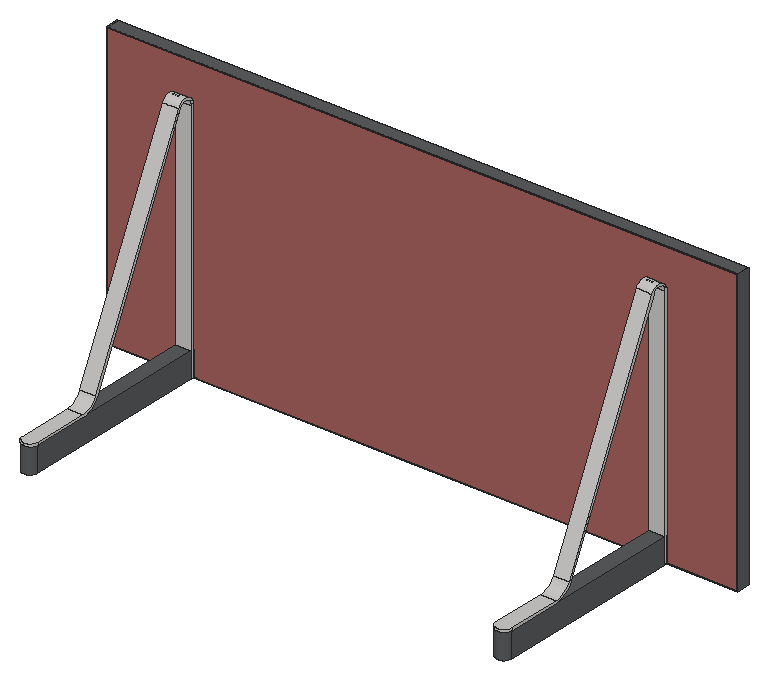
Revit family "Artek_Shelving_Kaari Wall Shelf_Kaari REB006", category Furniture, host Face, Revit 2017
Family settings
  Host = Face
  OmniClass Number = 23.40.20.27
  OmniClass Title = Storage Shelving
  Cut with Voids When Loaded = No
  Shared = No
  Room Calculation Point = No
Parameters (values of type "Kaari Wall Console REB006 - Red shelf, black edge")
  WarrantyStartDate [instance] = "n/a"
  WarrantyGuarantorParts = "n/a"
  WarrantyGuarantorLabor = "n/a"
  WarrantyDurationUnit = "Years"
  WarrantyDurationParts = "n/a"
  WarrantyDurationLabor = "n/a"
  WarrantyDescription = "n/a"
  VersionDate = "11/3/2020"  # constant formula
  Version = "1"  # constant formula
  Uniclass2015Reference = "Pr_40_30_78_77"
  Uniclass2015Description = "Shelf units"
  Uniclass2 = "Pr_40_30_78_77"
  URL = "https://www.artek.fi/en/products/kaari-wall-console"
  Type Comments = ""
  TagNumber [instance] = "n/a"
  SustainabilityPerformance = "n/a"
  Style = "n/a"
  Size = "1000x350x450 mm"
  ShelfMaterial = Linoleum red
  ShelfEdgeMaterial = Linoleum black
  Shape = "Sculptured"
  SerialNumber [instance] = "n/a"
  Revision = "n/a"
  ReplacementCost = "n/a"
  ProductInformation = "n/a"
  Product data url = ""
  NominalWidth = 450 mm
  NominalHeight = 1000 mm
  NominalDepth = 340.703 mm
  Name = "Kaari REB006"
  NBSReference = "45-35-80/310"
  NBSDescription = "Shelf units"
  ModelReference = "n/a"
  ModelNumber = "28503102"
  Model = "Kaari Wall Console REB006 - Red shelf, black edge"
  Material = "Wood/Steel"
  ManufacturerURL = "https://www.artek.fi/"
  ManufacturerName = "Artek"
  Manufacturer = "Artek"
  MainColor = "Black/red/blue"
  WallBracketMaterial [instance] = Black oak
  InstallationDate [instance] = "n/a"
  IfcExportType = "SHELF"  # constant formula
  IfcExportAs = "IfcFurnitureType"  # constant formula
  Grade = "n/a"
  Finish = "n/a"
  Features = "n/a"
  ExpectedLife = "n/a"
  DurationUnit = "Years"
  Designer = "Ronan & Erwan Bouroullec"
  Description = ""
  Default Elevation = 0 mm
  ConvergoRefNr = "0190-2009-0039-FI"  # constant formula
  Constituents = "n/a"
  Color = "Black/red/blue"
  Collection = "Kaari Collection"
  CodePerformance = "n/a"
  Category = "Shelving"
  Brand = "Artek"
  Barcode [instance] = "n/a"
  BIMObjectName = "Artek_Shelving_Kaari Wall Console _Kaari REB006"  # constant formula
  Author = "Convergo AB"  # constant formula
  AssetType = "Movable"
  AssetIdentifier [instance] = "n/a"
  Assembly Code = ""
  AccessibilityPerformance = "n/a"
Types (4, lengths in mm): name | ShelfMaterial | ShelfEdgeMaterial
  (no name) | Linoleum red | Linoleum black
  Kaari Wall Console REB006 - Red shelf, black edge | Linoleum red | Linoleum black
  Kaari Wall Console REB006 - Blue shelf, red edge | Linoleum blue | Linoleum red
  Kaari Wall Console REB006 - Black shelf, black edge | Linoleum black | Linoleum black
Reference planes
  plane 1 "Center (Front/Back)": y = 0
  plane 2: z = 0
  plane 3 "Center (Left/Right)": x = 0
  plane 4: y = 170.351
  plane 5: y = -170.352
  plane 6: x = -500
  plane 7: x = 500
  plane 8: z = 450
Dimensions and locks
  equal spacing: plane 5, plane 1 "Center (Front/Back)", plane 4
  "NominalDepth": plane 5 to plane 4
  equal spacing: plane 6, plane 3 "Center (Left/Right)", plane 7
  "NominalHeight": plane 6 to plane 7
  "NominalWidth": plane 8 to level
  aligned and locked: plane 2 to host face
  aligned and locked: level to host face
Automatic sketch dimensions
  host sketch curve to host sketch curve = 2438.4 mm  (x2)
Nested families
  nested 1: "kaari_shelf_reb006" at (0, -170.352, 0) x (-1, 0, 0) z (0, 1, 0), Legs <- "WallBracketMaterial", Shelf <- "ShelfMaterial", ShelfFrame <- "ShelfEdgeMaterial", type "kaari_shelf_reb006"
    with ShelfFrame Linoleum black, Shelf Linoleum red, LegsFrame Flat rolled steel, Legs Black oak
Definition of nested family "kaari_shelf_reb006"
  Parameters (values of type "kaari_shelf_reb006")
    ShelfFrame [instance] = none
    Shelf [instance] = none
    LegsFrame [instance] = none
    Legs [instance] = none
    Default Elevation = 1219.2 mm
  Reference planes
    plane 1 "Center (Front/Back)": y = 0
    plane 2: z = 0
    plane 3 "Center (Left/Right)": x = 0
  Forms (mm)
    Extrusion 1, solid, material <- "LegsFrame", detail levels medium+fine
      sketch origin (0, 0, 0) x (0, 1, 0) y (0, 0, 1)
        loop
          line (-43, 101.224) -> (-43, 0) -> (-40, 0) -> (-40, 99.5)
          arc (-40, 99.5) -> (-45.136, 117.411) -> (-58.983, 129.879) r 33.8
          line (-58.983, 129.879) -> (-393.165, 292.871)
          arc (-393.165, 292.871) -> (-399.61, 306.383) -> (-387.894, 315.703) r 12.024
          line (-387.894, 315.703) -> (-1, 315.703) -> (-1, 318.703) -> (-388.001, 318.703)
          arc (-388.001, 318.703) -> (-402.616, 307.077) -> (-394.576, 290.221) r 15
          line (-394.576, 290.221) -> (-58.748, 126.427)
          arc (-58.748, 126.427) -> (-47.261, 116.084) -> (-43, 101.224) r 28.041
      from -387.4 to -362.4
    Extrusion 2, void
      sketch origin (25.1, 0, 0) x (1, 0, 0) y (0, 0, 1)
        loop
          line (-412.5, 12.5) -> (-416.007, 12.5) -> (-416.007, -2.5) -> (-386.007, -2.5) -> (-386.007, 12.5) -> (-387.5, 12.5)
          arc (-387.5, 12.5) -> (-400, 0) -> (-412.5, 12.5) r 12.5
      from -10.778 to 61.788
    Extrusion 3, solid, material <- "Legs", detail levels medium+fine
      sketch origin (1.698, 0, 2.863) x (1, 0, 0) y (0, 0, 1)
        loop
          line (-389.098, 337.84) -> (-389.098, 9.637)
          arc (-389.098, 9.637) -> (-376.598, -2.863) -> (-364.098, 9.637) r 12.5
          line (-364.098, 9.637) -> (-364.098, 337.84) -> (-389.098, 337.84)
        loop
          line (385.702, 337.84) -> (360.702, 337.84) -> (360.702, 9.637)
          arc (360.702, 9.637) -> (373.202, -2.863) -> (385.702, 9.637) r 12.5
          line (385.702, 9.637) -> (385.702, 337.84)
      from 0 to 40
    Extrusion 4, solid, material <- "Shelf", detail levels medium+fine
      sketch origin (0, 0, 0) x (1, 0, 0) y (0, 1, 0)
        loop
          line (-499, -449) -> (499, -449) -> (499, -1) -> (388.4, -1) -> (388.4, -40.93) -> (361.4, -40.93) -> (361.4, -1) -> (0, -1) -> (-361.4, -1) -> (-361.4, -40.93) -> (-388.4, -40.93) -> (-388.4, -1) -> (-499, -1) -> (-499, -449)
      from 318.703 to 340.703
    Extrusion 5, solid, material <- "ShelfFrame", detail levels medium+fine
      sketch origin (0, 0, 0) x (1, 0, 0) y (0, 1, 0)
        loop
          line (-500, 0) -> (-500, -450) -> (500, -450) -> (500, 0) -> (387.5, 0) -> (387.5, -40) -> (362.4, -40) -> (362.4, 0) -> (12.5, 0) -> (-362.4, 0) -> (-362.4, -40) -> (-387.5, -40) -> (-387.5, 0) -> (-500, 0)
        loop
          line (-499, -1) -> (-499, -449) -> (499, -449) -> (499, -1) -> (388.4, -1) -> (388.4, -40.93) -> (361.4, -40.93) -> (361.4, -1) -> (13.5, -1) -> (-361.4, -1) -> (-361.4, -40.93) -> (-388.4, -40.93) -> (-388.4, -1) -> (-499, -1)
      from 318.703 to 340.703
    Extrusion 6, solid, material <- "LegsFrame", detail levels medium+fine
      sketch origin (0, 0, 0) x (0, 1, 0) y (0, 0, -1)
        loop
          arc (-43, -101.224) -> (-47.261, -116.084) -> (-58.748, -126.427) r 28.041
          line (-58.748, -126.427) -> (-394.576, -290.221)
          arc (-394.576, -290.221) -> (-402.616, -307.077) -> (-388.001, -318.703) r 15
          line (-388.001, -318.703) -> (-0.93, -318.703) -> (-0.93, -315.703) -> (-387.894, -315.703)
          arc (-387.894, -315.703) -> (-399.61, -306.383) -> (-393.165, -292.871) r 12.024
          line (-393.165, -292.871) -> (-58.983, -129.879)
          arc (-58.983, -129.879) -> (-45.136, -117.411) -> (-40, -99.5) r 33.8
          line (-40, -99.5) -> (-40, 0) -> (-43, 0) -> (-43, -101.224)
      from -387.4 to -362.4
    Extrusion 7, void
      sketch origin (-25.1, 0, 0) x (-1, 0, 0) y (0, 0, -1)
        loop
          arc (-412.5, -12.5) -> (-400, 0) -> (-387.5, -12.5) r 12.5
          line (-387.5, -12.5) -> (-386.007, -12.5) -> (-386.007, 2.5) -> (-416.007, 2.5) -> (-416.007, -12.5) -> (-412.5, -12.5)
      from -10.778 to 61.788
    Extrusion 8, solid, material <- "Shelf", detail levels coarse
      sketch origin (0, 0, 0) x (1, 0, 0) y (0, 1, 0)
        loop
          line (-500, 0) -> (-500, -450) -> (500, -450) -> (500, 0) -> (-500, 0)
      from 0 to 340.703
    Sweep 9, void
      path in 3D
        loop
          line (-500, 0, 340.703) -> (-500, -450, 340.703) -> (500, -450, 340.703) -> (500, 0, 340.703) -> (-500, 0, 340.703)
      profile origin (0, 0, 340.703) x (0, -1, 0) y (0, 0, 1)
        loop
          line (0, 0) -> (0, -1) -> (1, 0) -> (0, 0)
    Sweep 10, void
      path in 3D
        loop
          line (500, 0, 318.703) -> (500, -450, 318.703) -> (-500, -450, 318.703) -> (-500, 0, 318.703) -> (500, 0, 318.703)
      profile origin (0, 0, 318.703) x (0, -1, 0) y (0, 0, -1)
        loop
          line (0, 0) -> (0, -1) -> (1, 0) -> (0, 0)
  Cuts and joins
    Extrusion 2, Extrusion 7 cuts Extrusion 1
    Extrusion 7 cuts Extrusion 6
    Sweep 9, Sweep 10 cuts Extrusion 3
    Sweep 9, Sweep 10 cuts Extrusion 5
  Lines and regions (mm)
    symbolic lines, detail levels medium+fine
      curve 1: line (-412.5, 0, 340.703) -> (-500, 0, 340.703)
      curve 2: line (-500, 0, 340.703) -> (-500, 0, 318.703)
      curve 3: line (-500, 0, 318.703) -> (-387.4, 0, 318.703)
      curve 4: line (-387.4, 0, 318.703) -> (-387.4, 0, 12.5)
      curve 5: line (-362.4, 0, 12.5) -> (-362.4, 0, 318.703)
      curve 7: line (-500, 0, 0) -> (500, 0, 0)
      curve 8: line (-500, -450, 0) -> (-500, 0, 0)
      curve 9: line (500, -450, 0) -> (-500, -450, 0)
      curve 10: line (500, 0, 0) -> (500, -450, 0)
      curve 11: line (-362.4, 0, 318.703) -> (0, 0, 318.703)
      curve 12: line (-387.5, 0, 340.703) -> (0, 0, 340.703)
      curve 13: line (412.5, 0, 340.703) -> (500, 0, 340.703)
      curve 14: line (500, 0, 340.703) -> (500, 0, 318.703)
      curve 15: line (500, 0, 318.703) -> (387.4, 0, 318.703)
      curve 16: line (387.4, 0, 318.703) -> (387.4, 0, 12.5)
      curve 17: arc (387.4, 0, 12.5) -> (374.9, 0, 0) -> (362.4, 0, 12.5) r 12.5
      curve 18: line (362.4, 0, 12.5) -> (362.4, 0, 318.703)
      curve 20: line (362.4, 0, 318.703) -> (0, 0, 318.703)
      curve 21: line (387.5, 0, 340.703) -> (0, 0, 340.703)
      curve 22: line (-412.5, 0, 340.703) -> (-387.5, 0, 340.703)
      curve 23: line (412.5, 0, 340.703) -> (387.5, 0, 340.703)
      curve 24: arc (-387.4, 0, 12.5) -> (-374.9, 0, 0) -> (-362.4, 0, 12.5) r 12.5
      curve 25: line (0, 0, 340.703) -> (0, -450, 340.703)
      curve 26: line (0, -450, 340.703) -> (0, -450, 318.703)
      curve 27: line (0, 0, 0) -> (0, 0, 340.703)
      curve 28: line (0, -43, 101.224) -> (0, -43, 0)
      curve 29: arc (0, -58.748, 126.427) -> (0, -47.261, 116.084) -> (0, -43, 101.224) r 28.041
      curve 30: line (0, -394.576, 290.221) -> (0, -58.748, 126.427)
      curve 31: arc (0, -388.001, 318.703) -> (0, -402.616, 307.077) -> (0, -394.576, 290.221) r 15
      curve 32: line (0, 0, 0) -> (0, -43, 0)
      curve 33: line (0, -388.001, 318.703) -> (0, -450, 318.703)
    symbolic lines, detail levels fine
      curve 6: line (-387.4, 0, 318.703) -> (-362.4, 0, 318.703)
      curve 19: line (387.4, 0, 318.703) -> (362.4, 0, 318.703)
      curve 34: line (0, -388.001, 318.703) -> (0, 0, 318.703)
      curve 35: line (0, -40, 318.703) -> (0, -40, 0)
      curve 36: line (0, -387.894, 315.703) -> (0, -40, 315.703)
      curve 37: arc (0, -40, 99.5) -> (0, -45.136, 117.411) -> (0, -58.983, 129.879) r 33.8
      curve 38: line (0, -58.983, 129.879) -> (0, -393.165, 292.871)
      curve 39: arc (0, -393.165, 292.871) -> (0, -399.61, 306.383) -> (0, -387.894, 315.703) r 12.024
    sketch lines
      curve 40: line (500, 0, 340.703) -> (-500, 0, 340.703)
      curve 41: line (-500, 0, 340.703) -> (-500, -450, 340.703)
      curve 42: line (-500, -450, 340.703) -> (500, -450, 340.703)
      curve 43: line (500, -450, 340.703) -> (500, 0, 340.703)
      curve 44: line (-500, 0, 318.703) -> (500, 0, 318.703)
      curve 45: line (-500, -450, 318.703) -> (-500, 0, 318.703)
      curve 46: line (500, -450, 318.703) -> (-500, -450, 318.703)
      curve 47: line (500, 0, 318.703) -> (500, -450, 318.703)
  Dimensions and locks
    aligned and locked: level to plane 2
